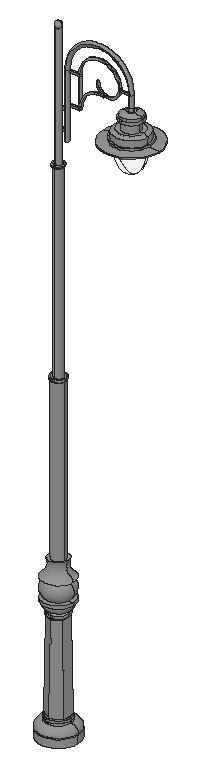
Revit family "svetilnik_alfresco_elegant-1-8_i_1-10", category Lighting Fixtures, Revit 2016 (continued)
Definition of nested family "Элегант"
  Types (2, lengths in mm): name | Photometric Web File | built-in parameter 1150105 | Lumens | built-in parameter 1150106 | built-in parameter 1150142 | Wattage
    Элегант 100Вт | "ДСУ-01-AF Росинка2 100Вт.ies" | 4314.4 (stored number, unit not read) | 12000 lm | 43.144 (stored number, unit not read) | "IESNA:LM-63-1995\r\n[TEST] alf\r\n[MANUFAC] Alfresco\r\n[LUMCAT]  \r\n[LUMINAIRE] ДCУ-01-AF 100w Росинка2\r\n[LAMPCAT]Cree\r\n[LAMP]LED\r\n[MORE]\r\n[OTHER]\r\nTILT=NONE\r\n1 8900 1 37 181 2 2 .525 .525 0\r\n.9 1 100\r\n-90 -85 -80 -75 -70 -65 -60 -55 -50 -45 -40 -35 -30 -25 -20 -15 -10 -5 0 5 10 15 20 25 30 35 40 45 50 55 60 65 70 75 80 85 90\r\n-90 -89 -88 -87 -86 -85 -84 -83 -82 -81 -80 -79 -78 -77 -76 -75 -74 -73 -72 -71 -70 -69 -68 -67 -66 -65 -64 -63 -62 -61 -60 -59 -58 -57 -56 -55 -54 -53 -52 -51 -50 -49 -48 -47 -46 -45 -44 -43 -42 -41 -40 -39 -38 -37 -36 -35 -34 -33 -32 -31 -30 -29 -28 -27\r\n -26 -25 -24 -23 -22 -21 -20 -19 -18 -17 -16 -15 -14 -13 -12 -11 -10 -9 -8 -7 -6 -5 -4 -3 -2 -1 0 1 2 3 4 5 6 7 8 9 10 11 12 13 14 15 16 17 18 19 20 21 22 23 24 25 26 27 28 29 30 31 32 33 34 35 36 37 38 39 40 41 42 43 44 45 46 47 48 49 50 51 52 53 54 55 \r\n56 57 58 59 60 61 62 63 64 65 66 67 68 69 70 71 72 73 74 75 76 77 78 79 80 81 82 83 84 85 86 87 88 89 90\r\n61.425 60.00 58.575 54.96 51.345 51.585 51.84 49.35 46.86 49.185 51.51 50.505 49.485 51.21 52.92 53.91 54.90 56.19 57.465 59.085 60.69 61.575 62.46 62.385 62.295 61.29 60.27 58.245 56.22 54.81 53.40 52.65 51.885 52.02 52.17 54.405 56.64\r\n65.16 67.86 70.545 73.905 77.265 81.825 86.37 88.365 90.345 92.715 95.07 101.295 107.52 110.925 114.33 120.69 127.05 130.74 134.43 134.925 135.405 130.50 125.595 124.98 124.365 119.46 114.555 110.34 106.125 100.155 94.20 89.385 84.57 77.37 70.17 68.04 \r\n65.91\r\n76.815 86.745 96.69 101.535 106.365 114.105 121.845 127.485 133.125 139.50 145.86 156.18 166.485 177.045 187.59 191.55 195.495 194.16 192.84 191.73 190.605 186.645 182.685 179.265 175.83 168.42 160.995 156.015 151.035 142.47 133.89 124.92 115.95 107.775 \r\n99.60 90.54 81.48\r\n100.41 111.285 122.16 132.645 143.115 149.61 156.09 165.735 175.395 184.245 193.095 200.535 207.99 210.51 213.03 212.52 212.01 210.87 209.745 208.23 206.70 202.845 199.005 194.025 189.06 188.16 187.26 185.01 182.775 171.54 160.32 150.945 141.57 130.305 \r\n119.025 107.895 96.765\r\n123.48 133.905 144.33 158.46 172.59 183.03 193.47 203.355 213.225 218.985 224.745 225.72 226.695 225.90 225.09 226.455 227.805 227.97 228.15 227.745 227.34 221.22 215.085 210.75 206.43 202.695 198.96 192.63 186.30 184.02 181.74 170.895 160.05 148.515 \r\n136.98 124.395 111.81\r\n148.59 160.095 171.60 190.125 208.65 215.595 222.555 228.105 233.655 233.94 234.21 234.435 234.66 237.54 240.42 242.40 244.38 240.255 236.13 233.805 231.48 229.50 227.535 222.885 218.235 213.42 208.605 204.84 201.06 193.905 186.75 180.975 175.215 163.53 \r\n151.845 137.88 123.915\r\n164.505 184.095 203.70 214.965 226.23 233.79 241.35 243.45 245.55 246.675 247.815 249.06 250.32 249.81 249.30 247.575 245.85 243.615 241.38 240.72 240.045 240.87 241.71 235.83 229.965 224.25 218.535 213.03 207.525 200.235 192.96 188.76 184.56 173.715 \r\n162.885 147.36 131.835\r\n171.72 190.08 208.44 221.04 233.625 243.21 252.795 258.81 264.84 263.10 261.375 261.525 261.675 261.975 262.275 259.665 257.055 252.60 248.145 248.655 249.165 246.06 242.955 238.56 234.18 229.77 225.36 219.555 213.75 206.145 198.555 189.69 180.84 173.385 \r\n165.93 151.935 137.94\r\n173.625 192.75 211.875 227.025 242.16 255.765 269.37 272.58 275.79 272.94 270.09 269.805 269.505 267.975 266.445 263.685 260.91 257.91 254.91 254.40 253.875 252.495 251.115 246.33 241.545 235.005 228.465 224.25 220.035 209.085 198.135 191.205 184.26 \r\n174.54 164.835 151.26 137.67\r\n172.17 192.375 212.58 227.34 242.10 255.06 268.005 274.29 280.59 281.64 282.705 280.245 277.785 274.635 271.485 271.665 271.845 268.965 266.085 264.585 263.085 259.125 255.18 251.70 248.235 239.745 231.27 223.395 215.52 205.47 195.42 183.915 172.41 \r\n165.705 159.00 143.985 128.955\r\n165.645 187.965 210.285 226.305 242.34 256.035 269.73 280.38 291.03 293.10 295.17 291.825 288.48 283.17 277.86 278.805 279.75 275.73 271.71 268.47 265.245 262.26 259.26 254.745 250.23 241.725 233.22 220.20 207.195 196.395 185.595 175.185 164.775 157.26 \r\n149.745 135.42 121.08\r\n161.16 184.065 206.97 226.44 245.925 260.04 274.155 283.11 292.05 296.13 300.21 296.37 292.53 290.985 289.44 289.08 288.705 286.29 283.875 281.19 278.52 272.55 266.58 259.80 253.035 243.315 233.58 219.21 204.825 192.465 180.12 168.255 156.39 150.42 \r\n144.435 130.35 116.28\r\n151.725 175.74 199.755 220.26 240.78 261.195 281.61 294.81 308.01 305.76 303.51 305.76 307.995 305.22 302.43 304.365 306.285 305.355 304.425 299.175 293.94 285.675 277.395 268.53 259.665 242.205 224.73 214.50 204.255 189.945 175.635 162.495 149.37 141.705\r\n 134.04 121.98 109.92\r\n145.41 171.48 197.535 219.45 241.38 262.65 283.935 300.27 316.605 322.245 327.90 327.795 327.69 327.54 327.405 325.185 322.965 321.03 319.095 315.945 312.795 302.67 292.56 275.475 258.405 240.705 223.005 209.775 196.53 181.14 165.75 154.14 142.53 134.025 \r\n125.52 115.035 104.565\r\n143.88 167.385 190.905 217.065 243.225 265.83 288.42 308.685 328.95 342.285 355.635 358.965 362.295 357.09 351.885 348.345 344.805 342.33 339.84 335.22 330.585 322.305 314.025 294.21 274.41 251.88 229.35 212.46 195.57 181.32 167.085 153.18 139.275 128.715\r\n 118.155 107.925 97.68\r\n135.345 161.79 188.235 219.45 250.68 277.845 304.995 323.265 341.535 360.39 379.245 386.79 394.32 391.065 387.81 377.205 366.60 360.375 354.165 349.095 344.01 336.90 329.79 306.09 282.39 257.40 232.41 212.64 192.885 176.865 160.86 147.90 134.955 122.13 \r\n109.32 99.87 90.435\r\n123.165 153.045 182.94 217.395 251.865 282.99 314.13 338.34 362.565 384.96 407.34 421.65 435.945 428.835 421.74 404.04 386.355 380.235 374.115 366.135 358.17 344.94 331.695 311.505 291.30 267.03 242.745 218.775 194.805 176.295 157.80 142.62 127.425 \r\n115.995 104.565 95.46 86.34\r\n114.795 146.175 177.54 214.365 251.19 288.705 326.235 355.335 384.435 411.03 437.64 452.745 467.865 464.79 461.73 439.365 417.00 405.195 393.375 384.48 375.585 356.10 336.63 315.60 294.57 271.035 247.50 221.61 195.705 175.47 155.25 140.91 126.585 112.35 \r\n98.13 89.16 80.205\r\n107.67 137.97 168.255 211.74 255.225 296.34 337.455 371.805 406.155 435.405 464.67 482.055 499.455 502.05 504.645 506.475 508.29 475.41 442.53 430.425 418.32 386.82 355.305 329.73 304.14 280.545 256.965 227.925 198.90 177.045 155.19 136.68 118.185 104.025\r\n 89.865 81.735 73.605\r\n99.075 131.01 162.945 209.625 256.305 300.57 344.82 383.46 422.085 455.70 489.315 513.45 537.60 552.78 567.96 583.98 600.00 577.425 554.85 569.535 584.205 496.545 408.87 362.595 316.335 288.075 259.815 231.705 203.595 177.345 151.095 134.07 117.06 102.66 \r\n88.245 78.69 69.12\r\n91.65 122.895 154.14 203.805 253.455 302.01 350.55 391.59 432.63 469.425 506.235 541.035 575.85 625.545 675.24 753.015 830.79 819.81 808.845 779.535 750.225 635.445 520.65 433.80 346.965 304.995 263.04 234.015 204.975 178.755 152.52 130.845 109.17 95.04 \r\n80.925 72.00 63.06\r\n84.45 115.605 146.775 198.285 249.81 300.795 351.78 397.98 444.195 482.985 521.79 582.36 642.915 786.57 930.225 1040.64 1151.0551 1135.11 1119.165 1092.63 1066.08 933.615 801.165 607.68 414.18 341.565 268.95 240.99 213.015 180.795 148.575 127.98 107.385 \r\n90.315 73.245 66.00 58.74\r\n77.595 107.805 138.00 191.805 245.595 298.08 350.565 402.72 454.89 495.405 535.92 655.755 775.59 1018.485 1261.38 1356.0601 1450.725 1449.885 1449.045 1414.47 1379.88 1247.4301 1114.995 874.59 634.20 458.43 282.66 246.975 211.275 178.92 146.55 124.185 \r\n101.82 84.645 67.485 61.02 54.555\r\n71.52 100.605 129.705 184.335 238.95 295.11 351.27 404.865 458.46 512.775 567.09 814.815 1062.54 1295.265 1527.975 1643.595 1759.215 1766.9399 1774.65 1733.37 1692.075 1534.08 1376.10 1115.385 854.685 583.515 312.345 260.10 207.855 175.80 143.745 120.72 \r\n97.695 81.90 66.09 58.335 50.595\r\n66.975 94.41 121.845 174.225 226.62 286.455 346.305 402.285 458.265 534.57 610.86 954.72 1298.58 1539.375 1780.1851 1891.26 2002.335 2010.21 2018.085 1968.885 1919.6851 1772.8051 1625.91 1343.34 1060.755 716.835 372.90 288.93 204.975 172.29 139.59 116.445\r\n 93.30 77.37 61.44 53.355 45.255\r\n61.995 87.795 113.58 166.32 219.06 279.315 339.555 396.75 453.945 577.35 700.74 1093.08 1485.405 1726.275 1967.13 2081.5649 2196.00 2194.125 2192.2649 2143.02 2093.7749 1936.38 1779.00 1505.895 1232.775 859.755 486.72 345.03 203.34 170.22 137.115 113.49 \r\n89.85 74.655 59.46 50.76 42.06\r\n57.21 81.45 105.69 157.62 209.55 273.135 336.705 394.125 451.545 636.765 821.985 1210.395 1598.8051 1849.6949 2100.585 2208.4199 2316.2549 2315.25 2314.23 2269.875 2225.5349 2062.26 1899.00 1620.225 1341.45 969.03 596.625 399.45 202.29 170.73 139.185 \r\n114.645 90.09 73.71 57.315 48.495 39.675\r\n53.58 76.29 99.00 148.89 198.78 263.55 328.335 388.215 448.095 689.07 930.045 1303.83 1677.63 1940.505 2203.3799 2304.5701 2405.76 2401.0049 2396.25 2356.665 2317.0649 2157.405 1997.745 1698.96 1400.16 1037.835 675.51 440.355 205.215 171.84 138.465 113.22\r\n 87.975 71.055 54.135 45.78 37.44\r\n50.055 70.935 91.80 139.38 186.945 253.635 320.34 383.25 446.175 716.085 986.01 1356.345 1726.6949 1991.235 2255.7749 2343.7051 2431.6201 2423.25 2414.895 2384.145 2353.395 2204.7749 2056.155 1750.14 1444.11 1077.795 711.48 459.99 208.50 172.035 135.585 \r\n110.955 86.325 69.075 51.825 43.47 35.115\r\n46.59 65.565 84.555 130.335 176.13 243.30 310.485 380.355 450.24 735.045 1019.835 1395.075 1770.30 2027.52 2284.74 2356.9951 2429.2351 2421.6899 2414.145 2380.1851 2346.2251 2217.9451 2089.6499 1782.45 1475.265 1102.8149 730.38 476.565 222.75 178.71 \r\n134.67 108.87 83.055 66.33 49.59 41.115 32.625\r\n43.815 61.215 78.63 122.04 165.45 231.735 298.005 378.465 458.91 742.29 1025.67 1395.705 1765.725 2026.845 2287.98 2346.1499 2404.3201 2387.6699 2371.02 2347.74 2324.46 2205.2849 2086.125 1786.905 1487.70 1112.385 737.055 483.24 229.41 180.915 132.42 \r\n106.53 80.655 63.60 46.56 38.715 30.87\r\n41.28 57.18 73.08 113.985 154.89 220.62 286.335 375.345 464.34 729.075 993.795 1379.8051 1765.80 2011.245 2256.6899 2334.1499 2411.625 2399.2949 2386.9651 2348.8201 2310.6899 2182.9351 2055.165 1762.395 1469.625 1088.4449 707.265 472.26 237.27 183.045 \r\n128.835 104.025 79.20 61.68 44.16 36.855 29.535\r\n39.105 53.73 68.34 107.715 147.075 211.11 275.145 370.59 466.035 718.80 971.55 1346.91 1722.255 1972.74 2223.2251 2329.05 2434.8899 2445.165 2455.4399 2409.105 2362.77 2182.6201 2002.47 1725.63 1448.79 1068.0601 687.315 463.785 240.255 182.595 124.95 \r\n101.49 78.045 60.285 42.525 35.595 28.65\r\n37.20 50.565 63.945 101.565 139.185 200.775 262.365 363.93 465.51 703.71 941.895 1297.3051 1652.70 1926.84 2200.98 2366.0701 2531.175 2545.53 2559.885 2505.1499 2450.415 2248.5601 2046.72 1716.075 1385.4301 1029.03 672.63 458.01 243.405 182.805 122.205 \r\n99.045 75.90 58.455 41.01 34.32 27.63\r\n35.55 47.94 60.33 95.07 129.81 190.29 250.785 353.385 455.985 676.53 897.075 1250.6851 1604.28 1923.90 2243.52 2399.085 2554.6499 2541.8701 2529.075 2494.1851 2459.2949 2295.615 2131.9351 1745.625 1359.3149 999.285 639.27 439.17 239.07 179.115 119.16 \r\n96.345 73.53 56.52 39.51 33.075 26.625\r\n34.02 45.735 57.465 89.685 121.92 181.02 240.12 336.96 433.80 644.655 855.525 1216.02 1576.53 1946.175 2315.8049 2408.0549 2500.3049 2485.5901 2470.8899 2434.80 2398.6951 2286.7949 2174.8799 1755.165 1335.45 972.285 609.12 416.535 223.95 169.125 114.285 \r\n92.61 70.935 54.495 38.055 32.04 26.01\r\n32.715 43.755 54.78 85.17 115.545 172.56 229.56 320.265 410.97 613.17 815.37 1175.16 1534.9351 1920.405 2305.875 2351.3999 2396.925 2375.835 2354.7451 2331.5549 2308.365 2231.085 2153.8049 1743.87 1333.9351 959.175 584.415 399.075 213.72 161.985 110.25 \r\n89.79 69.315 53.49 37.665 31.38 25.095\r\n31.38 42.105 52.83 81.15 109.47 165.09 220.71 302.91 385.11 584.205 783.30 1175.76 1568.235 1901.235 2234.2351 2267.01 2299.80 2289.0449 2278.3049 2248.875 2219.46 2148.1799 2076.915 1736.46 1396.02 981.45 566.895 382.545 198.195 153.00 107.805 87.885 \r\n67.95 52.17 36.39 30.375 24.345\r\n30.15 40.425 50.70 77.655 104.625 157.53 210.45 285.765 361.08 551.46 741.855 1174.11 1606.35 1876.395 2146.4399 2185.7849 2225.145 2227.20 2229.2549 2200.95 2172.6299 2087.0249 2001.42 1703.295 1405.17 972.555 539.94 362.865 185.79 146.70 107.595 87.18 \r\n66.75 51.12 35.49 29.49 23.505\r\n29.115 38.88 48.645 74.46 100.26 151.665 203.07 273.48 343.89 522.795 701.685 1129.71 1557.72 1811.265 2064.8101 2102.5801 2140.3501 2141.55 2142.7649 2127.825 2112.885 2014.335 1915.785 1634.8199 1353.87 925.425 496.98 336.375 175.755 139.29 102.81 83.91\r\n 65.025 49.86 34.695 28.725 22.74\r\n28.095 37.575 47.04 71.43 95.805 145.05 194.31 261.795 329.295 507.03 684.78 1083.345 1481.91 1733.955 1986.00 2017.1851 2048.3701 2053.98 2059.605 2041.20 2022.8101 1941.6899 1860.5699 1580.58 1300.59 907.305 514.02 341.865 169.71 135.21 100.695 82.41 \r\n64.14 48.825 33.525 27.69 21.87\r\n27.315 36.39 45.465 68.76 92.07 138.27 184.455 249.795 315.135 501.135 687.135 1055.0551 1422.99 1653.285 1883.595 1929.9449 1976.295 1979.79 1983.30 1964.67 1946.025 1866.345 1786.65 1518.075 1249.50 894.735 539.97 351.825 163.695 130.98 98.265 80.52 \r\n62.79 47.70 32.61 26.94 21.27\r\n26.79 35.58 44.355 66.51 88.65 132.945 177.225 240.99 304.755 490.92 677.085 1038.60 1400.115 1610.49 1820.85 1869.615 1918.365 1917.375 1916.385 1904.985 1893.60 1806.495 1719.39 1474.095 1228.8149 885.48 542.16 350.385 158.61 127.68 96.735 79.11 61.485 \r\n46.845 32.205 26.52 20.835\r\n26.325 34.98 43.62 65.115 86.61 129.405 172.20 232.59 292.98 473.685 654.39 1011.66 1368.915 1561.515 1754.10 1802.40 1850.6851 1852.02 1853.34 1847.745 1842.15 1744.455 1646.76 1420.71 1194.66 850.86 507.06 331.995 156.915 125.895 94.875 78.075 61.26 \r\n46.71 32.145 26.355 20.565\r\n26.04 34.59 43.155 64.08 85.02 126.285 167.55 226.35 285.15 467.07 648.99 958.425 1267.86 1466.73 1665.60 1733.16 1800.72 1800.045 1799.355 1787.61 1775.865 1677.615 1579.365 1367.40 1155.4351 831.18 506.925 332.31 157.71 125.925 94.125 77.82 61.515 \r\n46.935 32.37 26.34 20.295\r\n25.845 34.515 43.20 63.36 83.535 123.03 162.525 221.865 281.205 455.985 630.765 931.29 1231.8149 1431.1949 1630.575 1684.6949 1738.80 1740.45 1742.115 1734.225 1726.335 1632.075 1537.8149 1311.1949 1084.575 791.955 499.335 329.10 158.865 127.50 96.135 \r\n79.125 62.115 47.355 32.595 26.31 20.025\r\n25.62 34.425 43.245 62.985 82.74 119.40 156.06 214.275 272.49 438.18 603.855 907.83 1211.8051 1389.5699 1567.35 1632.12 1696.905 1695.03 1693.155 1688.28 1683.42 1584.3149 1485.1949 1281.105 1077.015 777.615 478.20 318.225 158.25 127.77 97.29 79.68 62.055\r\n 47.22 32.40 26.085 19.77\r\n25.425 34.125 42.825 62.58 82.335 117.81 153.30 208.83 264.36 423.675 582.99 881.13 1179.255 1355.745 1532.25 1585.005 1637.745 1645.53 1653.3149 1650.105 1646.895 1553.97 1461.045 1253.925 1046.8051 755.25 463.695 309.90 156.12 126.645 97.17 79.755 \r\n62.325 47.445 32.55 26.055 19.56\r\n25.26 34.20 43.14 62.31 81.495 116.025 150.57 206.31 262.05 406.92 551.805 834.345 1116.885 1293.51 1470.15 1531.02 1591.875 1602.825 1613.76 1606.515 1599.255 1507.77 1416.285 1219.29 1022.31 737.04 451.755 304.335 156.90 127.185 97.485 80.205 62.91 \r\n47.985 33.045 26.19 19.35\r\n25.065 34.26 43.47 62.685 81.915 115.29 148.65 202.98 257.295 403.35 549.405 810.39 1071.375 1240.62 1409.88 1482.975 1556.0551 1563.825 1571.58 1563.66 1555.755 1452.345 1348.92 1158.675 968.43 703.365 438.315 296.40 154.50 126.855 99.21 81.33 63.45 \r\n48.39 33.315 26.22 19.125\r\n24.975 34.305 43.635 62.625 81.615 113.955 146.295 197.805 249.315 389.79 530.25 800.07 1069.89 1229.985 1390.08 1460.295 1530.495 1533.405 1536.3149 1531.8149 1527.30 1410.45 1293.585 1116.465 939.36 682.155 424.95 287.97 151.005 126.09 101.16 82.56 \r\n63.96 48.75 33.54 26.25 18.945\r\n24.93 34.515 44.10 62.715 81.345 113.04 144.735 194.595 244.455 379.74 515.04 778.485 1041.9301 1202.49 1363.05 1422.345 1481.625 1486.89 1492.155 1490.115 1488.09 1384.785 1281.48 1105.05 928.62 676.605 424.59 288.585 152.595 128.655 104.73 84.765 64.815\r\n 49.38 33.96 26.40 18.855\r\n2
